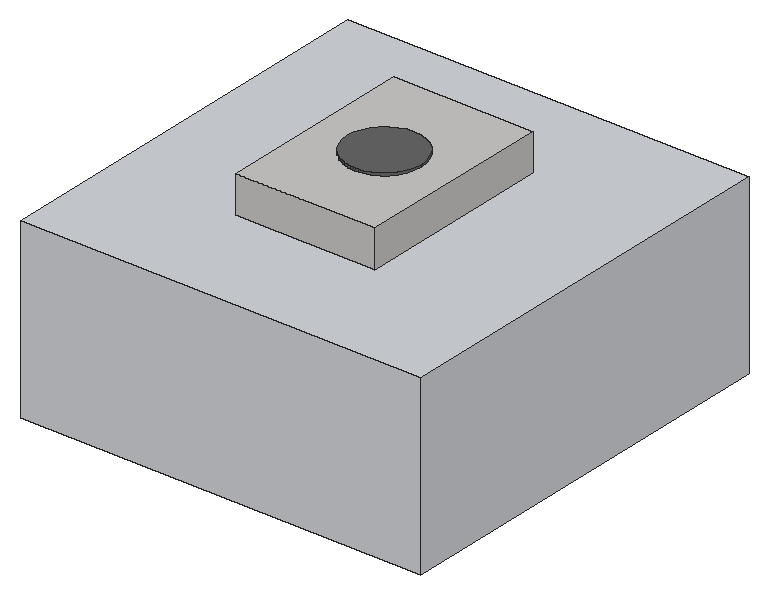
Revit family
Parameters (values of type "as Specified")
  Warranty Duration (Years) = 0
  Unit Width = 0' - 3 3/4"
  Unit Height = 0' - 5 5/16"
  Unit Depth = 0' - 1"
  URL = "http://www.bobrick.com/Pages/default.aspx"
  Test Data = ""
  Standards Conformance = "as Specified"
  Specification = ""
  SpecWizard = ""
  Send Message = "http://www.arcat.com/users.pl?action=UserEmail&company=Bobrick+Washroom+Equipment,+Inc.&coid=30988&rep=156&fax=818-503-1930&mf="
  Sales Information = "http://www.bobrick.com/Pages/ContactUs.aspx"
  Revision = "R1_2014-10"
  Region Restriction = "None"
  Product Properties = ""
  Product Data = "http://arcat.com/arcatcos/cos30/arc30988.html"
  Mounting Height [instance] = 3' - 11 3/4"
  Model = "B-3541"
  Manufacturer Website = "http://www.bobrick.com/Pages/default.aspx"
  Manufacturer Phone - Toll Free = ""
  Manufacturer Phone = "818-764-1000"
  Manufacturer Fax = "818-503-1930"
  Manufacturer Address = "11611 Hart St. North Hollywood, CA 91605-5882"
  Manufacturer = "Bobrick Washroom Equipment, Inc."
  Maintenance Schedule (Months) = 0
  Keynote = "102813"
  Installation-Fabrication = "http://www.bobrick.com/washroomaccessories/Pages/WashroomAccessories.aspx"
  Installation Phase = ""
  Green Building-LEED = ""
  Finish Material = Stainless Steel - Bobrick - Satin
  Expected Lifespan (Years) = 0
  Drawn By = "Sumex Design, Inc. / Robert S. Weygant, CSI, CDT, SCIP"
  Description = "Bobrick Surface Mounted Sanitary Napkin Disposal Bag Dispenser - B-3541"
  Default Elevation = 0' - 0"
  Copyright = "©Arcat Inc."
  Construction Details = ""
  Capacity = "Holds one pack of 25 two-ply plastic bags"
  Building Codes = ""
  Assembly Code = "E1090900"
  Accent Finish [instance] = Paint - Bobrick - Black
Reference planes (in)
  plane 1 "ADA Mount Line": y = 2.8558
  plane 2: z = 0
  plane 3 "Center (Left/Right)": x = 0
  plane 4: x = -1.875
  plane 5: x = 1.875
  plane 6 "FF": y = -44.8942
  plane 7: y = -2.4567
Forms (in)
  Extrusion 1, solid
    sketch origin (0, 0, 0) x (1, 0, 0) y (0, 1, 0)
      loop
        line (-5.25, 5.5433) -> (-5.25, -5.49462) -> (5.52143, -5.49462) -> (5.52143, 5.5433) -> (-5.25, 5.5433)
    from 0 to -4.74202
  Extrusion 2, solid, material "Stainless Steel - Bobrick - Satin" <- "Finish Material"
    sketch origin (0, 0, 0) x (1, 0, 0) y (0, 1, 0)
      loop
        line (-1.875, 2.8558) -> (-1.875, -2.4567) -> (1.875, -2.4567) -> (1.875, 2.8558) -> (-1.875, 2.8558)
    from 0 to 1
  Extrusion 3, solid, material "Paint - Bobrick - Black" <- "Accent Finish"
    sketch origin (0, 0, 0) x (1, 0, 0) y (0, 1, 0)
      loop
        circle (0, 0.19955) r 1
    from 1 to 1.0625
Dimensions and locks (in)
  equal spacing: plane 4, plane 3 "Center (Left/Right)", plane 5
  "Unit Width": plane 4 to plane 5
  "Mounting Height": plane 1 "ADA Mount Line" to plane 6 "FF"
  "Unit Height": plane 7 to plane 1 "ADA Mount Line"
  aligned and locked: plane 2 to Extrusion 1
  aligned and locked: level to Extrusion 1
Automatic sketch dimensions
  Extrusion 1 sketch curve to Extrusion 1 sketch curve = 0' - 10.77143"
  Extrusion 1 sketch curve to Extrusion 1 sketch curve = 0' - 11.03792"
  Extrusion 2 sketch curve to plane 4 = 0' - 0"
  Extrusion 2 sketch curve to plane 5 = 0' - 0"
  Extrusion 2 sketch curve to plane 7 = 0' - 0"
  plane 1 "ADA Mount Line" to Extrusion 2 sketch curve = 0' - 0"
  Extrusion 3 sketch curve to plane 3 "Center (Left/Right)" = 0' - 0"
  plane 1 "ADA Mount Line" to Extrusion 3 sketch curve = 0' - 2 21/32"
  radius of Extrusion 3 sketch curve = 0' - 1"
